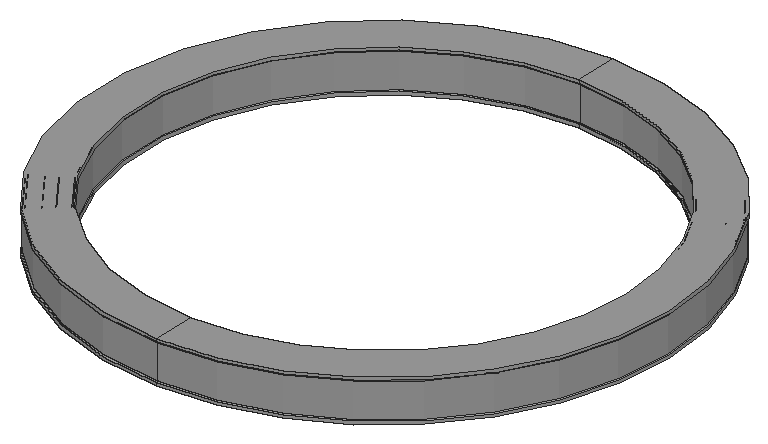
Revit family "VRIO-SMK", category Lighting Fixtures, host Face, Revit 2022
Family settings
  Host = Face
  Round Connector Dimension = Use Diameter
  Part Type = Normal
  Cut with Voids When Loaded = Yes
  Light Source = Yes
  Maintain Annotation Orientation = No
  Shared = No
  Room Calculation Point = No
Parameters (values of type "VRIO-65W-3000K-SMK")
  Wattage Comments = "65W"
  Wattage = 30.1598 W
  built-in parameter 1150110 = 1 (stored number, unit not read)
  URL = ""
  built-in parameter 1114217 = 1 (stored number, unit not read)
  Tilt Angle = 90.00°
  built-in parameter 1150109 = 1 (stored number, unit not read)
  built-in parameter 1150134 = (empty or 0)
  built-in parameter 1150113 = 1 (stored number, unit not read)
  Power Factor = "0.9"
  Photometric Web File = "VRIO_6524_30901.ies"
  Model = "VRIO-6524-30901-SMK-WH"
  Manufacturer = "Above All Lighting"  # constant formula
  built-in parameter 1150105 = 356.51 (stored number, unit not read)
  Lumens = 4480 lm
  built-in parameter 1150115 = 1 (stored number, unit not read)
  Load Classification = Lighting
  built-in parameter 1150137 = (empty or 0)
  built-in parameter 1150139 = (empty or 0)
  built-in parameter 1150112 = 1 (stored number, unit not read)
  built-in parameter 1150114 = 1 (stored number, unit not read)
  Lamp = "LED"
  Input Voltage = "120-277V"
  built-in parameter 1150132 = 2
  built-in parameter 1150102 = (empty or 0)
  built-in parameter 1150107 = 3000 (stored number, unit not read)
  built-in parameter 1150138 = (empty or 0)
  built-in parameter 1150106 = 3.5651 (stored number, unit not read)
  built-in parameter 1150104 = 13.8 (stored number, unit not read)
  Dimming Lamp Color Temperature Shift = <None>
  Default Elevation = 0' - 0"
  R = 0' - 11 205/256"
  Color Filter = 16777215
  CRI = "90"
  Beam Angle = 0.00°
  built-in parameter 1114218 = 1 (stored number, unit not read)
  built-in parameter 1150133 = 10 (stored number, unit not read)
Types (6): name | Wattage Comments | Wattage | Photometric Web File | Model | built-in parameter 1150105 | Lumens | built-in parameter 1150106 | R
  (no name) | "65W" | 30.1598 W | "VRIO_6524_30901.ies" | "VRIO-6524-30901-SMK-WH" | 356.51 (stored number, unit not read) | 4480 lm | 3.5651 (stored number, unit not read) | 0' - 11 205/256"
  VRIO-65W-3000K-SMK | "65W" | 30.1598 W | "VRIO_6524_30901.ies" | "VRIO-6524-30901-SMK-WH" | 356.51 (stored number, unit not read) | 4480 lm | 3.5651 (stored number, unit not read) | 0' - 11 205/256"
  VRIO-80W-3000K-SMK | "80W" | 37.6998 W | "VRIO_8035_30901.ies" | "VRIO-8035-30901-SMK-WH" | 2188.9 (stored number, unit not read) | 5600 lm | 21.889 (stored number, unit not read) | 1' - 5 179/256"
  VRIO-120W-3000K-SMK | "120W" | 56.5497 W | "VRIO_12047_30901.ies" | "VRIO-12047-30901-SMK-WH" | 2489.9 (stored number, unit not read) | 8400 lm | 24.899 (stored number, unit not read) | 1' - 11 77/128"
  VRIO-135W-3000K-SMK | "135W" | 61.2621 W | 0' - 0" | "VRIO-13559-30901-SMK-WH" | 1919.8 (stored number, unit not read) | 9100 lm | 19.198 (stored number, unit not read) | 2' - 5 141/256"
  VRIO-150W-3000K-SMK | "150W" | 70.6871 W | "generic" | "VRIO-15079-30901-SMK-WH" | 835.56 (stored number, unit not read) | 10500 lm | 8.3556 (stored number, unit not read) | 3' - 3 51/128"
Reference planes (in)
  plane 1 "Center (Front/Back)": y = 0
  plane 2: z = 0
  plane 3 "Center (Left/Right)": x = 0
  plane 4: z = 1.5
  plane 5: y = 11.80078
  plane 6: y = 10.03078
  plane 7: y = 11.72767
  plane 8: y = 10.57389
Forms (in)
  Revolve 1, solid, material "Default"
    sketch origin (0, 0, 0) x (0, 1, 0) y (0, 0, 1)
      loop
        line (10.03078, -0.14924) -> (11.80078, -0.14924) -> (11.80078, -0.02399) -> (11.7504, 0.02638) -> (11.7504, -0.07613) -> (11.70636, -0.07613) -> (11.70636, 0.04998) -> (11.67114, 0.04998) -> (11.67114, -0.03104) -> (11.17945, -0.03104) -> (11.17945, 1.50256) -> (11.67114, 1.50256) -> (11.67114, 1.42154) -> (11.70636, 1.42154) -> (11.70636, 1.54765) -> (11.7504, 1.54765) -> (11.7504, 1.44514) -> (11.80078, 1.49552) -> (11.80078, 1.62076) -> (10.03078, 1.62076) -> (10.03078, 1.49552) -> (10.08116, 1.44514) -> (10.08116, 1.54765) -> (10.1252, 1.54765) -> (10.1252, 1.42154) -> (10.16042, 1.42154) -> (10.16042, 1.50256) -> (10.64563, 1.50256) -> (10.64563, -0.03104) -> (10.16042, -0.03104) -> (10.16042, 0.04998) -> (10.1252, 0.04998) -> (10.1252, -0.07613) -> (10.08116, -0.07613) -> (10.08116, 0.02638) -> (10.03078, -0.02399) -> (10.03078, -0.14924)
      loop
        line (11.11537, -0.03104) -> (11.11537, 1.50256) -> (10.7097, 1.50256) -> (10.7097, -0.03104) -> (11.11537, -0.03104)
      axis (0, -0.14924) -> (0, 1.62076)
    angle from 0 to 360
  Revolve 2, solid, material "Glass, White, High Luminance"
    sketch origin (0, 0, 0) x (0, 1, 0) y (0, 0, 1)
      loop
        line (11.74767, 1.54765) -> (10.08116, 1.54765) -> (10.08116, -0.07613) -> (11.74767, -0.07613) -> (11.74767, 1.54765)
      axis (0, -0.07613) -> (0, 1.54765)
    angle from 0 to 360
Dimensions and locks (in)
  "R": plane 5 to plane 1 "Center (Front/Back)"
  Revolve 2 sketch curve to Revolve 2 sketch curve = 0' - 1.66651"
  Revolve 1 to Revolve 2 sketch curve = 0' - 0.05311"
  plane 5 to plane 6 = 0' - 1.77"
  aligned and locked: plane 2 to host face
  aligned and locked: level to host face
  aligned and locked: Revolve 2 sketch curve to imposter light
  aligned and locked: plane 5 to Revolve 1 sketch curve
  aligned and locked: Revolve 1 sketch curve to plane 5
  aligned and locked: plane 6 to Revolve 1 sketch curve
  aligned and locked: Revolve 1 sketch curve to plane 6
Automatic sketch dimensions
  host sketch curve to host sketch curve = 8' - 0"  (x2)
  Revolve 2 sketch curve to level = 0' - 0.07613"
  Revolve 2 sketch curve to plane 4 = 0' - 0.04765"
  Revolve 2 sketch curve to level = 0' - 10 1/2"
  Revolve 2 sketch curve to plane 4 = 1' - 0"
  Revolve 1 sketch curve to plane 1 "Center (Front/Back)" = 0' - 0"
  plane 6 to Revolve 1 sketch curve = 0' - 0.05038"  (x2)
  Revolve 1 sketch curve to Revolve 1 sketch curve = 0' - 0.04404"  (x4)
  Revolve 1 sketch curve to Revolve 1 sketch curve = 0' - 0.03523"  (x4)
  Revolve 1 sketch curve to level = 0' - 0.03104"  (x3)
  Revolve 1 sketch curve to Revolve 1 sketch curve = 0' - 0.4852"
  Revolve 1 sketch curve to plane 4 = 0' - 0.00256"  (x3)
  Revolve 1 sketch curve to Revolve 1 sketch curve = 0' - 0.06407"  (x2)
  Revolve 1 sketch curve to Revolve 1 sketch curve = 0' - 0.40567"
  Revolve 1 sketch curve to plane 5 = 0' - 0.12964"  (x2)
  level to Revolve 1 sketch curve = 0' - 0.04998"
  Revolve 1 sketch curve to level = 0' - 0.07613"
  Revolve 1 sketch curve to Revolve 1 sketch curve = 0' - 0.04509"
  Revolve 1 sketch curve to Revolve 1 sketch curve = 0' - 0.07311"  (x2)
  Revolve 1 sketch curve to level = 0' - 0.02399"  (x2)
  level to Revolve 1 sketch curve = 0' - 0.02638"  (x2)
  Revolve 1 sketch curve to Revolve 1 sketch curve = 0' - 0.0236"  (x3)
  plane 4 to Revolve 1 sketch curve = 0' - 0.07846"  (x2)
  plane 4 to Revolve 1 sketch curve = 0' - 0.00448"  (x2)
  Revolve 1 sketch curve to plane 4 = 0' - 0.04765"  (x2)
  Revolve 1 sketch curve to level = 1' - 0"
  Revolve 1 sketch curve to plane 4 = 0' - 10 1/2"
